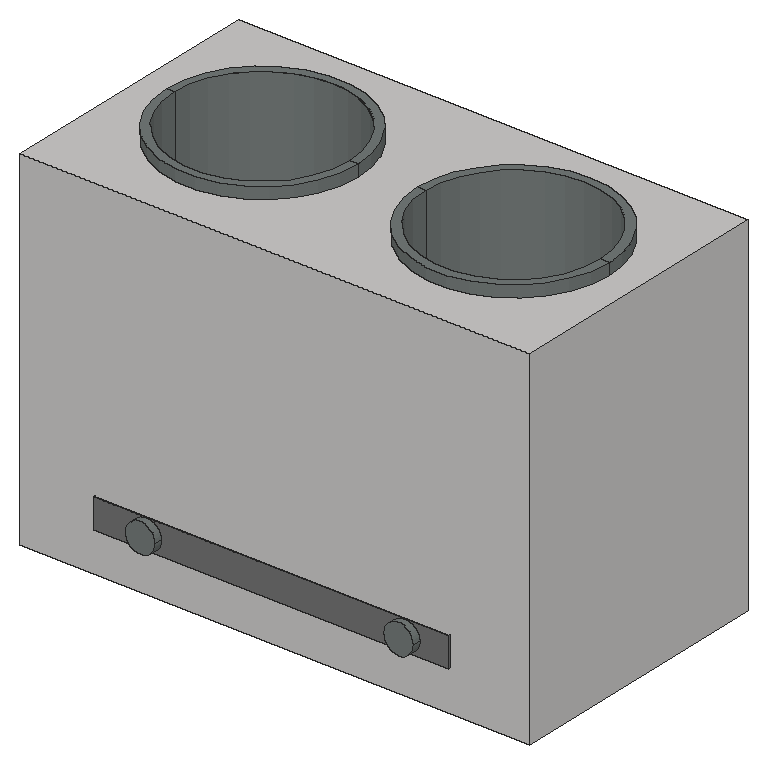
Revit family "QF_Vollrath 72040", category Specialty Equipment, Revit 2016
Family settings
  Part Type = Normal
  Round Connector Dimension = Use Diameter
  OmniClass Number = 23.40.40.11.21
  OmniClass Title = Hot Cabinets
  Work Plane-Based = No
  Always vertical = Yes
  Cut with Voids When Loaded = No
  Shared = No
  Room Calculation Point = No
Parameters (values of type "--")
  Width = 17.25"
  Weight in Pounds = 12.58
  Watts = 1450 W
  Watermarked By = "http://revitwatermark.com"
  Volts = 120 V
  URL Cutsheet = ""
  URL = "www.vollrathco.com"
  Status [instance] = ""
  Specification by User [instance] = ""
  Specification by Manufacturer = ""
  Serial Number [instance] = ""
  Seismic Rating [instance] = ""
  SMACNA No [instance] = ""
  Revision Code [instance] = ""
  Phase = 1
  Number of Poles [instance] = 1
  NAFEM Spec ID Number [instance] = ""
  Model = "72040"
  Masterspec = ""
  Manufacturer = "Vollrath"
  Item Number [instance] = ""
  Installed By [instance] = ""
  Height AFF [instance] = 18.75"
  Height [instance] = 12.25"
  Furnished By [instance] = ""
  Foodservice Equipment Identifier [instance] = yes
  FL Amps = 12 A
  Electrical Remarks [instance] = ""
  Electric Connection Type [instance] = ""
  Elec Conn RI Height [instance] = 0.00"
  Elec Conn Connection Height = 2.00"
  Description = "Warmer, Food Electric"
  Depth = 9.25"
  Cycle = 60 Hz
  Conn Plug = "NEMA 5-20P"
  CSI MasterFormat = "11 42 13"
  Assembly Code = "E1090320"
  Apparent Power = if(Phase = 3, Volts * FL Amps * 1.73, Volts * FL Amps)  # 1440 VA
Reference planes (in)
  plane 1: z = 0
  plane 2 "LEFT": x = 48
  plane 3 "BACK": y = -48
  plane 4 "BOTTOM": z = 18.75
  plane 5 "RIGHT": x = 65.25
  plane 6 "FRONT": y = -57.25
  plane 7: z = 26.5796
  plane 8 "TOP": z = 31
  plane 9: x = 58.52988
  plane 10: x = 50.8266
  plane 11: x = 50.99693
  plane 12: y = -65.45189
  plane 13: y = -65.50549
  plane 14: y = -66.38049
  plane 15: y = -66.44549
  plane 16: x = 56.69695
  plane 17: x = 56.625
  plane 18 "12": y = -52.625
  plane 19: z = 30.62
  plane 20: z = 19.62
  plane 21: z = 19.75
  plane 22: z = 20.11909
  plane 23: z = 21.11909
  plane 24: x = 49.36359
Forms (in)
  Extrusion 1, solid, material "QF_Finishes_Stainless Steel", not visible
    sketch origin (0, -75.61667, 13.94238) x (-1, 0, 0) y (0, 0.422618, 0.906308)
      loop
        line (-61.50401, 16.83949) -> (-49.55058, 16.83949) -> (-49.55058, 21.54291) -> (-61.50401, 21.54291) -> (-61.50401, 16.83949)
      loop
        circle (-51.11798, 19.07879) r 1.25
      loop
        circle (-51.11798, 19.07879) r 1
      loop
        line (-54.03077, 21.06689) -> (-57.03077, 21.06689) -> (-57.03077, 20.31689) -> (-54.03077, 20.31689) -> (-54.03077, 21.06689)
      loop
        circle (-54.03077, 17.5068) r 0.25
      loop
        circle (-56.78077, 17.5068) r 0.25
    from 0 to 0.68909
  Extrusion 2, solid, material "QF_Finishes_Black", not visible
    sketch origin (0, -75.54289, 2.05167) x (-1, 0, 0) y (0, 0.422618, 0.906308)
      loop
        circle (-51.11798, 29.82425) r 1.25
      loop
        circle (-51.11798, 29.82425) r 1
    from -5.0921 to -4.40301
  Extrusion 3, solid, material "QF_Finishes_Black", not visible
    sketch origin (0, -75.78725, 14.03463) x (-1, 0, 0) y (0, 0.406737, 0.913545)
      loop
        line (-57.03077, 21.03676) -> (-57.03077, 20.35703) -> (-54.03077, 20.35703) -> (-54.03077, 21.03676) -> (-57.03077, 21.03676)
      loop
        circle (-54.03077, 17.5068) r 0.25
      loop
        circle (-56.78077, 17.5068) r 0.25
    from 0.54411 to 1.25
  Extrusion 4, solid, material "QF_Finishes_Dark Grey", not visible
    sketch origin (0, -70.09177, 5.66795) x (-1, 0, 0) y (0, 0.422618, 0.906308)
      loop
        circle (-52.11896, 26.29929) r 0.25
      loop
        circle (-53.36896, 26.29929) r 0.25
      loop
        circle (-54.61896, 26.29929) r 0.25
      loop
        circle (-55.86896, 26.29929) r 0.25
      loop
        circle (-57.11896, 26.29929) r 0.25
      loop
        circle (-58.36896, 26.29929) r 0.25
    from 7.45399 to 7.92109
  Extrusion 5, solid, material "QF_Finishes_Stainless Steel", not visible
    sketch origin (0, -61.5, 0) x (-1, 0, 0) y (0, 0, 1)
      loop
        circle (-49.14244, 32.63817) r 0.1236
    from 0 to 12
  Extrusion 6, solid, material "QF_Finishes_Stainless Steel", not visible
    sketch origin (24.25, -61.5, 0) x (-1, 0, 0) y (0, 0, 1)
      loop
        circle (-49.14244, 32.63817) r 0.1236
    from 0 to 12
  Extrusion 7, solid, material "QF_Finishes_Stainless Steel", not visible
    sketch origin (0.75781, -61.5, 0) x (-1, 0, 0) y (0, 0, 1)
      loop
        circle (-49.14244, 32.63817) r 0.1236
    from 0 to 12
  Extrusion 8, solid, material "QF_Finishes_Stainless Steel", not visible
    sketch origin (1.51562, -61.5, 0) x (-1, 0, 0) y (0, 0, 1)
      loop
        circle (-49.14244, 32.63817) r 0.1236
    from 0 to 12
  Extrusion 9, solid, material "QF_Finishes_Stainless Steel", not visible
    sketch origin (2.27344, -61.5, 0) x (-1, 0, 0) y (0, 0, 1)
      loop
        circle (-49.14244, 32.63817) r 0.1236
    from 0 to 12
  Extrusion 10, solid, material "QF_Finishes_Stainless Steel", not visible
    sketch origin (3.03125, -61.5, 0) x (-1, 0, 0) y (0, 0, 1)
      loop
        circle (-49.14244, 32.63817) r 0.1236
    from 0 to 12
  Extrusion 11, solid, material "QF_Finishes_Stainless Steel", not visible
    sketch origin (3.78906, -61.5, 0) x (-1, 0, 0) y (0, 0, 1)
      loop
        circle (-49.14244, 32.63817) r 0.1236
    from 0 to 12
  Extrusion 12, solid, material "QF_Finishes_Stainless Steel", not visible
    sketch origin (4.54687, -61.5, 0) x (-1, 0, 0) y (0, 0, 1)
      loop
        circle (-49.14244, 32.63817) r 0.1236
    from 0 to 12
  Extrusion 13, solid, material "QF_Finishes_Stainless Steel", not visible
    sketch origin (5.30469, -61.5, 0) x (-1, 0, 0) y (0, 0, 1)
      loop
        circle (-49.14244, 32.63817) r 0.1236
    from 0 to 12
  Extrusion 14, solid, material "QF_Finishes_Stainless Steel", not visible
    sketch origin (6.0625, -61.5, 0) x (-1, 0, 0) y (0, 0, 1)
      loop
        circle (-49.14244, 32.63817) r 0.1236
    from 0 to 12
  Extrusion 15, solid, material "QF_Finishes_Stainless Steel", not visible
    sketch origin (6.82031, -61.5, 0) x (-1, 0, 0) y (0, 0, 1)
      loop
        circle (-49.14244, 32.63817) r 0.1236
    from 0 to 12
  Extrusion 16, solid, material "QF_Finishes_Stainless Steel", not visible
    sketch origin (7.57812, -61.5, 0) x (-1, 0, 0) y (0, 0, 1)
      loop
        circle (-49.14244, 32.63817) r 0.1236
    from 0 to 12
  Extrusion 17, solid, material "QF_Finishes_Stainless Steel", not visible
    sketch origin (8.33594, -61.5, 0) x (-1, 0, 0) y (0, 0, 1)
      loop
        circle (-49.14244, 32.63817) r 0.1236
    from 0 to 12
  Extrusion 18, solid, material "QF_Finishes_Stainless Steel", not visible
    sketch origin (9.09375, -61.5, 0) x (-1, 0, 0) y (0, 0, 1)
      loop
        circle (-49.14244, 32.63817) r 0.1236
    from 0 to 12
  Extrusion 19, solid, material "QF_Finishes_Stainless Steel", not visible
    sketch origin (9.85156, -61.5, 0) x (-1, 0, 0) y (0, 0, 1)
      loop
        circle (-49.14244, 32.63817) r 0.1236
    from 0 to 12
  Extrusion 20, solid, material "QF_Finishes_Stainless Steel", not visible
    sketch origin (10.60937, -61.5, 0) x (-1, 0, 0) y (0, 0, 1)
      loop
        circle (-49.14244, 32.63817) r 0.1236
    from 0 to 12
  Extrusion 21, solid, material "QF_Finishes_Stainless Steel", not visible
    sketch origin (11.36719, -61.5, 0) x (-1, 0, 0) y (0, 0, 1)
      loop
        circle (-49.14244, 32.63817) r 0.1236
    from 0 to 12
  Extrusion 22, solid, material "QF_Finishes_Stainless Steel", not visible
    sketch origin (12.125, -61.5, 0) x (-1, 0, 0) y (0, 0, 1)
      loop
        circle (-49.14244, 32.63817) r 0.1236
    from 0 to 12
  Extrusion 23, solid, material "QF_Finishes_Stainless Steel", not visible
    sketch origin (12.88281, -61.5, 0) x (-1, 0, 0) y (0, 0, 1)
      loop
        circle (-49.14244, 32.63817) r 0.1236
    from 0 to 12
  Extrusion 24, solid, material "QF_Finishes_Stainless Steel", not visible
    sketch origin (13.64062, -61.5, 0) x (-1, 0, 0) y (0, 0, 1)
      loop
        circle (-49.14244, 32.63817) r 0.1236
    from 0 to 12
  Extrusion 25, solid, material "QF_Finishes_Stainless Steel", not visible
    sketch origin (14.39844, -61.5, 0) x (-1, 0, 0) y (0, 0, 1)
      loop
        circle (-49.14244, 32.63817) r 0.1236
    from 0 to 12
  Extrusion 26, solid, material "QF_Finishes_Stainless Steel", not visible
    sketch origin (15.15625, -61.5, 0) x (-1, 0, 0) y (0, 0, 1)
      loop
        circle (-49.14244, 32.63817) r 0.1236
    from 0 to 12
  Extrusion 27, solid, material "QF_Finishes_Stainless Steel", not visible
    sketch origin (15.91406, -61.5, 0) x (-1, 0, 0) y (0, 0, 1)
      loop
        circle (-49.14244, 32.63817) r 0.1236
    from 0 to 12
  Extrusion 28, solid, material "QF_Finishes_Stainless Steel", not visible
    sketch origin (16.67187, -61.5, 0) x (-1, 0, 0) y (0, 0, 1)
      loop
        circle (-49.14244, 32.63817) r 0.1236
    from 0 to 12
  Extrusion 29, solid, material "QF_Finishes_Stainless Steel", not visible
    sketch origin (17.42969, -61.5, 0) x (-1, 0, 0) y (0, 0, 1)
      loop
        circle (-49.14244, 32.63817) r 0.1236
    from 0 to 12
  Extrusion 30, solid, material "QF_Finishes_Stainless Steel", not visible
    sketch origin (18.1875, -61.5, 0) x (-1, 0, 0) y (0, 0, 1)
      loop
        circle (-49.14244, 32.63817) r 0.1236
    from 0 to 12
  Extrusion 31, solid, material "QF_Finishes_Stainless Steel", not visible
    sketch origin (18.94531, -61.5, 0) x (-1, 0, 0) y (0, 0, 1)
      loop
        circle (-49.14244, 32.63817) r 0.1236
    from 0 to 12
  Extrusion 32, solid, material "QF_Finishes_Stainless Steel", not visible
    sketch origin (19.70312, -61.5, 0) x (-1, 0, 0) y (0, 0, 1)
      loop
        circle (-49.14244, 32.63817) r 0.1236
    from 0 to 12
  Extrusion 33, solid, material "QF_Finishes_Stainless Steel", not visible
    sketch origin (20.46094, -61.5, 0) x (-1, 0, 0) y (0, 0, 1)
      loop
        circle (-49.14244, 32.63817) r 0.1236
    from 0 to 12
  Extrusion 34, solid, material "QF_Finishes_Stainless Steel", not visible
    sketch origin (21.21875, -61.5, 0) x (-1, 0, 0) y (0, 0, 1)
      loop
        circle (-49.14244, 32.63817) r 0.1236
    from 0 to 12
  Extrusion 35, solid, material "QF_Finishes_Stainless Steel", not visible
    sketch origin (21.97656, -61.5, 0) x (-1, 0, 0) y (0, 0, 1)
      loop
        circle (-49.14244, 32.63817) r 0.1236
    from 0 to 12
  Extrusion 36, solid, material "QF_Finishes_Stainless Steel", not visible
    sketch origin (22.73437, -61.5, 0) x (-1, 0, 0) y (0, 0, 1)
      loop
        circle (-49.14244, 32.63817) r 0.1236
    from 0 to 12
  Extrusion 37, solid, material "QF_Finishes_Stainless Steel", not visible
    sketch origin (23.49219, -61.5, 0) x (-1, 0, 0) y (0, 0, 1)
      loop
        circle (-49.14244, 32.63817) r 0.1236
    from 0 to 12
  Extrusion 38, solid, material "QF_Finishes_Stainless Steel", not visible
    sketch origin (0, -63.31853, -5.50809) x (1, 0, 0) y (0, 0.5, 0.866025)
      loop
        line (51.72615, 27.93) -> (51.72615, 25.68) -> (67.6666, 25.68) -> (67.6666, 27.93) -> (51.72615, 27.93)
      loop
        line (51.88615, 27.77623) -> (51.88615, 25.78901) -> (67.52615, 25.78901) -> (67.52615, 27.77623) -> (51.88615, 27.77623)
    from 18.14569 to 18.5
  Extrusion 39, solid, material "QF_Finishes_Chrome", not visible
    sketch origin (0, -63.31853, -5.50809) x (1, 0, 0) y (0, 0.5, 0.866025)
      loop
        line (51.72615, 27.77623) -> (51.72615, 25.78901) -> (67.52615, 25.78901) -> (67.52615, 27.77623) -> (51.72615, 27.77623)
      loop
        line (51.89648, 27.66901) -> (51.89648, 25.91901) -> (67.36947, 25.91901) -> (67.36947, 27.66901) -> (51.89648, 27.66901)
    from 18.14569 to 18.5
  Extrusion 40, solid, material "QF_Finishes_Stainless Steel", not visible
    sketch origin (3, -63.31853, -5.50809) x (1, 0, 0) y (0, 0.5, 0.866025)
      loop
        line (55.07331, 27.05441) -> (55.07331, 26.55441) -> (56.82331, 26.55441) -> (56.82331, 27.05441) -> (55.07331, 27.05441)
      loop
        circle (53.94695, 26.80981) r 0.25
      loop
        circle (57.87771, 26.79276) r 0.25
      loop
        circle (59.12771, 26.79276) r 0.25
    from 18.14569 to 18.5
  Extrusion 41, solid, material "QF_Finishes_Stainless Steel", not visible
    sketch origin (0, -63.31853, -5.50809) x (1, 0, 0) y (0, 0.5, 0.866025)
      loop
        circle (56.94695, 26.80981) r 0.25
      loop
        circle (60.87771, 26.79276) r 0.25
      loop
        line (58.07331, 27.05441) -> (58.07331, 26.55441) -> (59.82331, 26.55441) -> (59.82331, 27.05441) -> (58.07331, 27.05441)
      loop
        circle (62.12771, 26.79276) r 0.25
    from 18.14569 to 18.5
  Extrusion 42, solid, material "QF_Finishes_Dark Grey", not visible
    sketch origin (0, -63.81619, -5.29253) x (1, 0, 0) y (0, 0.5, 0.866025)
      loop
        line (51.72615, 25.98116) -> (67.36947, 25.98116) -> (67.36947, 27.73116) -> (51.72615, 27.73116) -> (51.72615, 25.98116)
      loop
        circle (62.11833, 26.8549) r 0.25
      loop
        circle (60.86833, 26.8549) r 0.25
      loop
        line (59.81393, 26.61655) -> (59.81393, 27.11655) -> (58.06393, 27.11655) -> (58.06393, 26.61655) -> (59.81393, 26.61655)
      loop
        circle (56.93757, 26.87196) r 0.25
    from 17.96123 to 17.60693
  Extrusion 43, solid, material "QF_Finishes_Stainless Steel"
    sketch origin (0, 0, 0) x (1, 0, 0) y (0, 1, 0)
      loop
        line (48, -48) -> (48, -57.25) -> (65.25, -57.25) -> (65.25, -48) -> (48, -48)
    from 18.75 to 30.62
  Revolve 44, void
    sketch origin (0, -52.625, 0) x (1, 0, 0) y (0, 0, 1)
      loop
        line (49.24805, 30.62) -> (49.24805, 19.62) -> (52.49805, 19.62) -> (52.49805, 30.62) -> (49.24805, 30.62)
      axis (52.49805, 19.62) -> (52.49805, 30.62)
    angle from 0 to 360
  Revolve 45, void
    sketch origin (8.5, -52.625, 0) x (1, 0, 0) y (0, 0, 1)
      loop
        line (49.24805, 30.62) -> (49.24805, 19.62) -> (52.49805, 19.62) -> (52.49805, 30.62) -> (49.24805, 30.62)
      axis (52.49805, 19.62) -> (52.49805, 30.62)
    angle from 0 to 360
  Revolve 46, solid, material "QF_Finishes_Black"
    sketch origin (0, -52.625, 0) x (-1, 0, 0) y (0, 0, 1)
      loop
        line (-52.49805, 19.62) -> (-49.2493, 19.62) -> (-49.2493, 31) -> (-49.53039, 31) -> (-49.53039, 19.75) -> (-52.49805, 19.75) -> (-52.49805, 19.62)
      axis (-52.49805, 19.62) -> (-52.49805, 31)
    angle from 0 to 360
  Revolve 47, solid, material "QF_Finishes_Black"
    sketch origin (8.5, -52.625, 0) x (-1, 0, 0) y (0, 0, 1)
      loop
        line (-52.49805, 19.62) -> (-49.2493, 19.62) -> (-49.2493, 31) -> (-49.53039, 31) -> (-49.53039, 19.75) -> (-52.49805, 19.75) -> (-52.49805, 19.62)
      axis (-52.49805, 19.62) -> (-52.49805, 31)
    angle from 0 to 360
  Extrusion 48, solid, material "QF_Finishes_Black"
    sketch origin (0, -52.625, 0) x (-1, 0, 0) y (0, 0, 1)
      loop
        circle (-52.29593, 20.60605) r 0.5
      loop
        circle (-61.04593, 20.60605) r 0.5
    from -4.91296 to -4.625
  Extrusion 49, solid, material "QF_Finishes_Dark Grey"
    sketch origin (0, -52.625, 0) x (-1, 0, 0) y (0, 0, 1)
      loop
        line (-50.53237, 21.11909) -> (-62.53237, 21.11909) -> (-62.53237, 20.11909) -> (-50.53237, 20.11909) -> (-50.53237, 21.11909)
    from -4.625 to -4.65975
  Extrusion 50, solid, material "QF_Finishes_Stainless Steel"
    sketch origin (0, -48, 0) x (1, 0, 0) y (0, 0, 1)
      loop
        circle (49.36359, 20.11909) r 0.25
    from 0 to -0.19487
Cuts and joins
  Revolve 44, Revolve 45 cuts Extrusion 43
Lines and regions (in)
  symbolic lines
    curve 1: line (65.25, -48, 0) -> (48, -48, 0)
    curve 2: line (65.25, -57.25, 0) -> (65.25, -48, 0)
    curve 3: line (48, -57.25, 0) -> (65.25, -57.25, 0)
    curve 4: line (48, -48, 0) -> (48, -57.25, 0)
Dimensions and locks (in)
  "Height AFF": plane 4 "BOTTOM" to level
  "Depth": plane 6 "FRONT" to plane 3 "BACK"
  "Height": plane 8 "TOP" to plane 4 "BOTTOM"
  equal spacing: plane 6 "FRONT", plane 18 "12", plane 3 "BACK"
  equal spacing: plane 2 "LEFT", plane 17, plane 5 "RIGHT"
  "Width": plane 2 "LEFT" to plane 5 "RIGHT"
  locked: plane 21 to plane 20 at 0.13
  locked: plane 20 to plane 4 "BOTTOM" at 0.87
  locked: plane 8 "TOP" to plane 19 at 0.38
  locked: plane 23 to plane 22 at 1
  locked: plane 22 to plane 21 at 0.36909
  locked: plane 4 "BOTTOM" to Extrusion 50 sketch curve at 1.36909
  aligned and locked: level to plane 1
  aligned and locked: Extrusion 2 sketch curve to Extrusion 1  (x4)
  aligned and locked: Extrusion 39 sketch curve to Extrusion 38
  aligned and locked: Extrusion 38 to Extrusion 39 sketch curve
  aligned and locked: Extrusion 41 sketch curve to Extrusion 40  (x2)
  aligned and locked: Extrusion 39 to Extrusion 42 sketch curve
  aligned and locked: Extrusion 42 sketch curve to Extrusion 39
  aligned and locked: Extrusion 41 to Extrusion 42 sketch curve
  aligned and locked: Extrusion 42 sketch curve to Extrusion 41
  aligned and locked: Extrusion 42 to Extrusion 39
  aligned and locked: Extrusion 39 to plane 15
  aligned and locked: Extrusion 42 to plane 14
  aligned and locked: plane 12 to Extrusion 39
  aligned and locked: plane 13 to Extrusion 42
  aligned and locked: Extrusion 43 to plane 4 "BOTTOM"
  aligned: plane 8 "TOP" to Extrusion 43
  aligned and locked: plane 19 to Extrusion 43
  aligned and locked: plane 8 "TOP" to Revolve 46  (x2)
  aligned and locked: plane 19 to cut or joined group of Extrusion 43, Revolve 44, Revolve 45
  aligned and locked: plane 21 to Revolve 46  (x2)
  aligned and locked: plane 20 to Revolve 46  (x2)
  aligned and locked: plane 23 to Extrusion 49
  aligned and locked: Extrusion 49 to plane 22
Automatic sketch dimensions
  Extrusion 1 sketch curve to Extrusion 1 sketch curve = 0.00"  (x5)
  Extrusion 1 sketch curve to Extrusion 1 sketch curve = 4.47324"
  Extrusion 1 sketch curve to Extrusion 1 sketch curve = 0.25"
  Extrusion 1 sketch curve to Extrusion 1 sketch curve = 3.00"
  Extrusion 1 sketch curve to Extrusion 1 sketch curve = 2.75"
  Extrusion 1 sketch curve to Extrusion 1 sketch curve = 1.56739"
  Extrusion 1 sketch curve to Extrusion 1 sketch curve = 0.66732"
  Extrusion 1 sketch curve to Extrusion 1 sketch curve = 2.2393"
  Extrusion 1 sketch curve to Extrusion 1 sketch curve = 2.81008"
  Extrusion 1 sketch curve to Extrusion 1 sketch curve = 0.75"
  Extrusion 3 sketch curve to Extrusion 3 sketch curve = 3.00"
  Extrusion 1 sketch curve to Extrusion 1 sketch curve = 2.46412"
  Extrusion 3 sketch curve to Extrusion 3 sketch curve = 0.00"  (x6)
  Extrusion 3 sketch curve to Extrusion 3 sketch curve = 0.25"  (x2)
  Extrusion 3 sketch curve to Extrusion 3 sketch curve = 2.25"
  Extrusion 3 sketch curve to Extrusion 3 sketch curve = 2.85023"
  Extrusion 3 sketch curve to Extrusion 3 sketch curve = 0.67973"
  Extrusion 1 sketch curve to Extrusion 1 sketch curve = 2.9128"
  Extrusion 4 sketch curve to Extrusion 4 sketch curve = 1.25"  (x5)
  Extrusion 4 sketch curve to Extrusion 4 sketch curve = 0.00"  (x5)
  Extrusion 38 sketch curve to Extrusion 38 sketch curve = 0.10901"
  Extrusion 38 sketch curve to Extrusion 38 sketch curve = 1.98721"
  Extrusion 38 sketch curve to Extrusion 38 sketch curve = 0.15377"
  Extrusion 39 sketch curve to Extrusion 39 sketch curve = 0.17033"
  Extrusion 39 sketch curve to Extrusion 39 sketch curve = 0.13"
  Extrusion 39 sketch curve to Extrusion 39 sketch curve = 0.10721"
  Extrusion 40 sketch curve to Extrusion 40 sketch curve = 1.12636"
  Extrusion 40 sketch curve to Extrusion 40 sketch curve = 1.75"
  Extrusion 40 sketch curve to Extrusion 40 sketch curve = 1.0544"
  Extrusion 40 sketch curve to Extrusion 40 sketch curve = 1.25"
  Extrusion 40 sketch curve to Extrusion 40 sketch curve = 0.23835"
  Extrusion 40 sketch curve to Extrusion 40 sketch curve = 0.00"
  Extrusion 40 sketch curve to Extrusion 40 sketch curve = 0.25541"
  Extrusion 40 sketch curve to Extrusion 40 sketch curve = 0.50"
  Extrusion 38 sketch curve to Extrusion 38 sketch curve = 0.16"
  Extrusion 38 sketch curve to Extrusion 38 sketch curve = 15.64"
  Extrusion 38 sketch curve to Extrusion 38 sketch curve = 0.14045"
  Extrusion 39 sketch curve to Extrusion 39 sketch curve = 15.473"
  Extrusion 39 sketch curve to Extrusion 39 sketch curve = 0.15668"
  Extrusion 42 sketch curve to Extrusion 42 sketch curve = 4.96142"
  Extrusion 42 sketch curve to Extrusion 42 sketch curve = 5.00115"
  Extrusion 42 sketch curve to plane 9 = 0.46596"
  Extrusion 42 sketch curve to Extrusion 42 sketch curve = 0.8044"
  Extrusion 42 sketch curve to Extrusion 42 sketch curve = 0.87636"
  Extrusion 42 sketch curve to Extrusion 42 sketch curve = 0.25"  (x3)
  plane 9 to Extrusion 42 sketch curve = 1.28404"
  Extrusion 42 sketch curve to Extrusion 42 sketch curve = 0.75"
  Extrusion 42 sketch curve to Extrusion 42 sketch curve = 0.23835"
  Extrusion 42 sketch curve to Extrusion 42 sketch curve = 0.00"
  Extrusion 42 sketch curve to Extrusion 42 sketch curve = 0.24459"
  Extrusion 41 sketch curve to plane 9 = 0.45657"
  Extrusion 41 sketch curve to Extrusion 41 sketch curve = 0.8044"
  Extrusion 41 sketch curve to Extrusion 41 sketch curve = 0.00"  (x7)
  Extrusion 41 sketch curve to Extrusion 41 sketch curve = 0.87636"
  Extrusion 41 sketch curve to Extrusion 41 sketch curve = 0.25"  (x3)
  plane 9 to Extrusion 41 sketch curve = 1.29343"
  Extrusion 41 sketch curve to Extrusion 41 sketch curve = 0.75"
  Extrusion 41 sketch curve to Extrusion 41 sketch curve = 0.23835"
  Extrusion 41 sketch curve to Extrusion 41 sketch curve = 0.24459"
  Extrusion 43 sketch curve to plane 2 "LEFT" = 0.00"
  Extrusion 43 sketch curve to plane 5 "RIGHT" = 0.00"
  Extrusion 43 sketch curve to plane 6 "FRONT" = 0.00"
  plane 3 "BACK" to Extrusion 43 sketch curve = 0.00"
  Revolve 44 sketch curve to plane 19 = 0.00"
  plane 2 "LEFT" to Revolve 44 sketch curve = 1.24805"
  Revolve 44 sketch curve to Revolve 44 sketch curve = 3.25"
  Revolve 44 sketch curve to Revolve 44 sketch curve = 0.00"
  plane 4 "BOTTOM" to Revolve 44 sketch curve = 0.87"
  Revolve 44 sketch curve to plane 4 "BOTTOM" = 2.13"
  plane 8 "TOP" to Revolve 44 sketch curve = 5.12"
  Revolve 45 sketch curve to plane 19 = 0.00"
  plane 17 to Revolve 45 sketch curve = 1.12305"
  Revolve 45 sketch curve to Revolve 45 sketch curve = 3.25"
  Revolve 45 sketch curve to Revolve 45 sketch curve = 0.00"
  plane 4 "BOTTOM" to Revolve 45 sketch curve = 0.87"
  Revolve 45 sketch curve to plane 4 "BOTTOM" = 2.13"
  plane 8 "TOP" to Revolve 45 sketch curve = 5.12"
  Revolve 46 sketch curve to plane 8 "TOP" = 0.00"
  plane 4 "BOTTOM" to Revolve 46 sketch curve = 0.87"
  Revolve 46 sketch curve to plane 17 = 4.12695"
  Revolve 46 sketch curve to Revolve 46 sketch curve = 0.00"
  plane 2 "LEFT" to Revolve 46 sketch curve = 1.53039"
  Revolve 46 sketch curve to Revolve 46 sketch curve = 0.28109"
  Revolve 46 sketch curve to plane 4 "BOTTOM" = 2.63"
  Revolve 46 sketch curve to Revolve 46 sketch curve = 0.13"
  plane 8 "TOP" to Revolve 46 sketch curve = 2.62"
  Revolve 47 sketch curve to plane 8 "TOP" = 0.00"
  plane 4 "BOTTOM" to Revolve 47 sketch curve = 0.87"
  Revolve 47 sketch curve to plane 5 "RIGHT" = 4.25195"
  Revolve 47 sketch curve to Revolve 47 sketch curve = 0.00"
  plane 17 to Revolve 47 sketch curve = 1.40539"
  Revolve 47 sketch curve to Revolve 47 sketch curve = 0.28109"
  Revolve 47 sketch curve to plane 4 "BOTTOM" = 2.63"
  Revolve 47 sketch curve to Revolve 47 sketch curve = 0.13"
  plane 8 "TOP" to Revolve 47 sketch curve = 2.62"
  plane 21 to Extrusion 48 sketch curve = 0.85605"  (x2)
  Extrusion 48 sketch curve to plane 5 "RIGHT" = 4.20407"
  plane 2 "LEFT" to Extrusion 48 sketch curve = 4.29593"
  Extrusion 49 sketch curve to plane 5 "RIGHT" = 2.71763"
  plane 21 to Extrusion 49 sketch curve = 0.36909"
  plane 2 "LEFT" to Extrusion 49 sketch curve = 2.53237"
  Extrusion 49 sketch curve to Extrusion 49 sketch curve = 1.00"
  Extrusion 50 sketch curve to plane 24 = 0.00"
  curve 2 to plane 5 "RIGHT" = 0.00"
  curve 2 to plane 6 "FRONT" = 0.00"
  plane 3 "BACK" to curve 1 = 0.00"
  curve 3 to plane 2 "LEFT" = 0.00"
  radius of Extrusion 1 sketch curve = 1.25"
  radius of Extrusion 1 sketch curve = 1.00"
  radius of Extrusion 1 sketch curve = 0.25"  (x2)
  radius of Extrusion 4 sketch curve = 0.25"  (x6)
  radius of Extrusion 5 sketch curve = 0.1236"
  radius of Extrusion 6 sketch curve = 0.1236"
  radius of Extrusion 7 sketch curve = 0.1236"
  radius of Extrusion 8 sketch curve = 0.1236"
  radius of Extrusion 9 sketch curve = 0.1236"
  radius of Extrusion 10 sketch curve = 0.1236"
  radius of Extrusion 11 sketch curve = 0.1236"
  radius of Extrusion 12 sketch curve = 0.1236"
  radius of Extrusion 13 sketch curve = 0.1236"
  radius of Extrusion 14 sketch curve = 0.1236"
  radius of Extrusion 15 sketch curve = 0.1236"
  radius of Extrusion 16 sketch curve = 0.1236"
  radius of Extrusion 17 sketch curve = 0.1236"
  radius of Extrusion 18 sketch curve = 0.1236"
  radius of Extrusion 19 sketch curve = 0.1236"
  radius of Extrusion 20 sketch curve = 0.1236"
  radius of Extrusion 21 sketch curve = 0.1236"
  radius of Extrusion 22 sketch curve = 0.1236"
  radius of Extrusion 23 sketch curve = 0.1236"
  radius of Extrusion 24 sketch curve = 0.1236"
  radius of Extrusion 25 sketch curve = 0.1236"
  radius of Extrusion 26 sketch curve = 0.1236"
  radius of Extrusion 27 sketch curve = 0.1236"
  radius of Extrusion 28 sketch curve = 0.1236"
  radius of Extrusion 29 sketch curve = 0.1236"
  radius of Extrusion 30 sketch curve = 0.1236"
  radius of Extrusion 31 sketch curve = 0.1236"
  radius of Extrusion 32 sketch curve = 0.1236"
  radius of Extrusion 33 sketch curve = 0.1236"
  radius of Extrusion 34 sketch curve = 0.1236"
  radius of Extrusion 35 sketch curve = 0.1236"
  radius of Extrusion 36 sketch curve = 0.1236"
  radius of Extrusion 37 sketch curve = 0.1236"
  radius of Extrusion 40 sketch curve = 0.25"  (x3)
  radius of Extrusion 48 sketch curve = 0.50"  (x2)
  radius of Extrusion 50 sketch curve = 0.25"
Connectors (in)
  electrical at (49.36359, -47.80513, 20.11909), driven by "Number of Poles", driven by "Volts", driven by "Apparent Power"
    settings: on Extrusion 50, index 1, voltage 120 V, apparent load 1440 VA, apparent load phase1 0 VA, apparent load phase2 0 VA, apparent load phase3 0 VA, power factor 1, load classification "Other", number of poles 1, system type 30, power factor state 1, is connector primary yes, connector utility no, sub classification motor no, connector description "Electric Connection"
